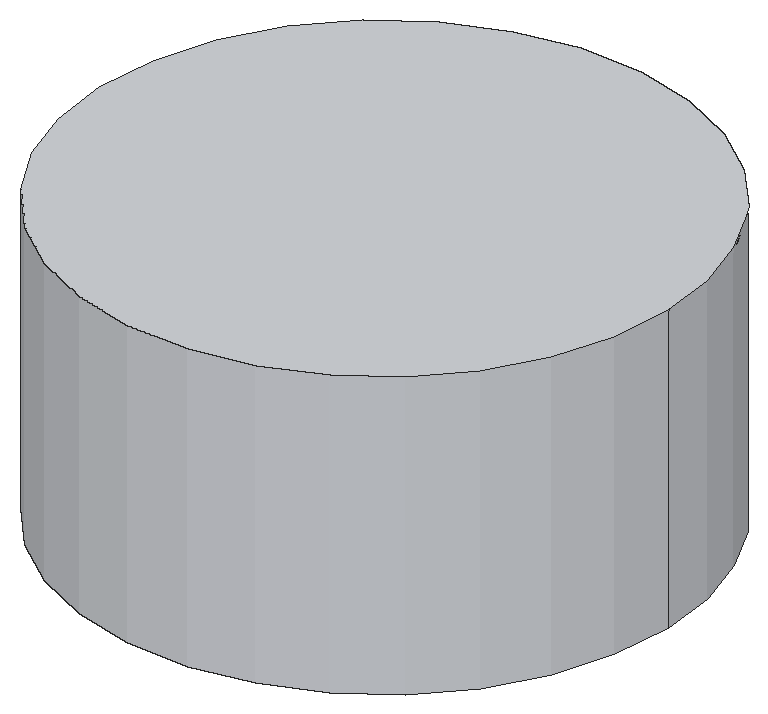
Revit family "07863010", category Specialty Equipment, Revit 2020
Family settings
  Round Connector Dimension = Use Diameter
  Part Type = Normal
  OmniClass Number = 23.40.40.14
  OmniClass Title = Food Service Equipment
  Work Plane-Based = No
  Always vertical = Yes
  Cut with Voids When Loaded = No
  Shared = No
  Room Calculation Point = No
Parameters (values of type "Standard")
  URL = "https://www.rustfriebergh.no/produkter/kj-lebr-nner-og-kj-leplater-pa-stativ/kj-leplate-pa-stativ-rbkp/"
  Model = "RBKP-T-3GN"
  Manufacturer = "Rustfrie Bergh"
  Description = "Kjøleplate RBKP-T-3GN"
  Default Elevation = 0 mm
Reference planes
  plane 1 "Center (Front/Back)": y = 0
  plane 2: z = 0
  plane 3 "Center (Left/Right)": x = 0
Forms (mm)
  Extrusion 1, solid
    sketch origin (200, 241, 270) x (0, 1, 0) y (1, 0, 0)
      loop
        circle (0, 0) r 3.048
    from 0 to -3.048
Dimensions and locks
  aligned and locked: level to plane 2
Connectors
  electrical at (200, 241, 270)
    settings: on Extrusion 1, index 1, voltage 230 V, apparent load 0 VA, apparent load phase1 0 VA, apparent load phase2 0 VA, apparent load phase3 0 VA, power factor 0, load classification "495", number of poles 1, system type 30, power factor state 1, is connector primary yes, connector utility no, sub classification motor no, connector description "strømart 230V 50/60HZ 2,15A"
